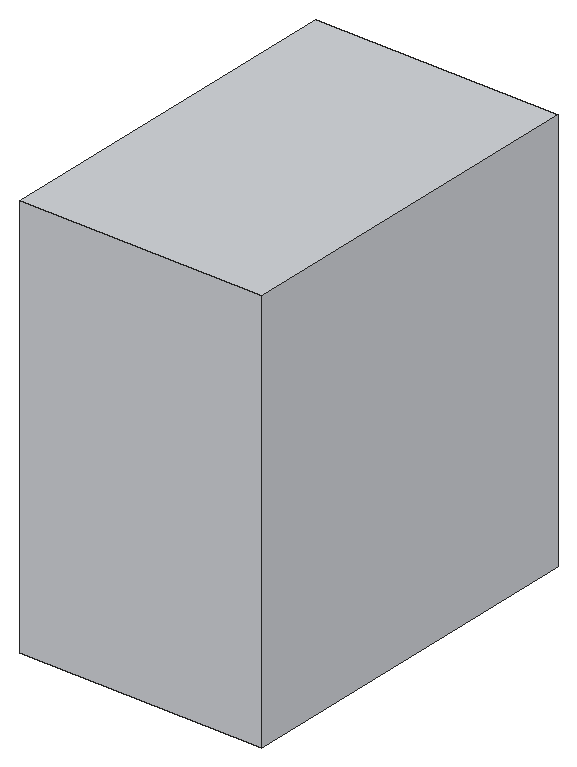
Revit family
Parameters
  Warranty Duration (Years) = 0
  Unit Width [instance] = 1' - 5 1/4"
  Unit Height [instance] = 4' - 8"
  Unit Depth = 0' - 0 1/4"
  URL = "http://www.americanspecialties.com/viewCategories.cfm"
  Trim Material = Metal - Stainless Steel
  Test Data = ""
  Specification = "http://www.arcat.com/sdspecs/htm/10810asi.htm"
  SpecWizard = ""
  Send Message = "http://www.arcat.com/users.pl?action=UserEmail&company=American%20Specialties,%20Inc.&coid=30448&rep=139&fax=914-476-0688&mf="
  Sales Information = "http://www.americanspecialties.com/contact"
  Revision = "R1_10-2010"
  Product Properties = "http://www.americanspecialties.com/datasheets/04692-9.pdf"
  Product Data = "http://www.arcat.com/arcatcos/cos30/arc30448.html"
  Model = "As Specified in 10 28 13"
  Manufacturer Website = "http://www.americanspecialties.com/viewCategories.cfm"
  Manufacturer Phone - Toll Free = ""
  Manufacturer Phone = "914-476-9000 "
  Manufacturer Fax = "914-476-0688"
  Manufacturer Address = "441 Saw Mill River Rd., Yonkers, NY 10701"
  Manufacturer = "American Specialties, Inc."
  Maintenance Schedule (Months) = 0
  Keynote = "10 28 13"
  Installation-Fabrication = "http://www.americanspecialties.com/products.cfm"
  Green Building-LEED = ""
  Expected Lifespan (Years) = 0
  Drawn By = "Robert S. Weygant. CSI, CDT, SCIP"  # constant formula
  Description = "Toilet Accessory as Specified in 10 28 13"
  Default Elevation = 4' - 0"
  Copyright = "©Arcat Inc."
  Construction Details = "http://www.arcat.com/green/clients/leed_data_30448.html"
  Building Codes = "http://www.americanspecialties.com/products.cfm"
  Body Material = Metal - Stainless Steel
  Assembly Code = "C1030210"
Reference planes (in)
  plane 1 "Center (Front/Back)": y = -0.29112
  plane 2 "Floor Line": z = 0
  plane 3 "Center (Left/Right)": x = -0.65843
Forms (in)
  Extrusion 1, solid
    sketch origin (-3, -9, -6) x (0, 0, -1) y (1, 0, 0)
      loop
        line (-82, 26) -> (-82, -19.34712) -> (-6, -19.34712) -> (-6, 26) -> (-82, 26)
    from 28.29112 to -41.06337
  Extrusion 2, solid, material "Metal - Stainless Steel" <- "Body Material"
    sketch origin (0, 0, 10) x (1, 0, 0) y (0, 1, 0)
      loop
        line (-8.28343, 26.70888) -> (-8.28343, -27.29112) -> (6.96657, -27.29112) -> (6.96657, 26.70888) -> (-8.28343, 26.70888)
    from 0 to -10
  Extrusion 3, solid, material "Metal - Stainless Steel" <- "Body Material"
    sketch origin (0, 7, 10) x (1, 0, 0) y (0, 1, 0)
      loop
        line (-5.68968, 6.70888) -> (-5.68968, 4.20888) -> (4.37282, 4.20888) -> (4.37282, 6.70888) -> (4.12282, 6.70888) -> (3.87282, 4.45888) -> (-5.18968, 4.45888) -> (-5.43968, 6.70888) -> (-5.68968, 6.70888)
    from 0 to -10
  Extrusion 4, solid, material "Metal - Stainless Steel" <- "Trim Material"
    sketch origin (0, 6.98719, 9.75134) x (1, 0, 0) y (0, 1, 0)
      loop
        line (2.98508, 14.70888) -> (2.98508, 9.70888) -> (3.98508, 9.70888) -> (3.98508, 14.70888) -> (2.98508, 14.70888)
      loop
        line (3.04758, 9.77138) -> (3.92258, 9.77138) -> (3.92258, 14.64638) -> (3.04758, 14.64638) -> (3.04758, 9.77138)
    from 0.5 to 0.5625
  Extrusion 5, solid, material "Metal - Stainless Steel" <- "Trim Material"
    sketch origin (-0.23664, 6.96892, 9.63158) x (0, 1, 0) y (0, 0, 1)
      loop
        line (14.48996, 0.86976) -> (14.23996, 1.36976) -> (13.98996, 1.36976) -> (13.98996, 0.86976) -> (14.48996, 0.86976)
    from 3.44343 to 4
  Extrusion 6, solid, material "Metal - Stainless Steel" <- "Trim Material"
    sketch origin (-0.65843, 6.88741, 9.63158) x (0, 1, 0) y (0, 0, 1)
      loop
        line (14.49406, 0.86976) -> (14.1489, 0.86976) -> (14.1489, 0.36842) -> (14.49406, 0.36842) -> (14.49406, 0.86976)
    from 3.94825 to 4.33876
  Extrusion 7, solid, material "Metal - Stainless Steel" <- "Trim Material"
    sketch origin (0, 0, 9.3125) x (1, 0, 0) y (0, 1, 0)
      loop
        circle (5.37282, 20.33388) r 0.5
      loop
        line (5.316, 19.91524) -> (5.42963, 19.91524) -> (5.42963, 20.76475) -> (5.316, 20.76475) -> (5.316, 19.91524)
    from 0.9375 to 1
  Extrusion 8, solid, material "Metal - Stainless Steel" <- "Body Material"
    sketch origin (0, 0, 10) x (1, 0, 0) y (0, 1, 0)
      loop
        line (-9.28343, 27.70888) -> (-9.28343, -28.29112) -> (7.96657, -28.29112) -> (7.96657, 27.70888) -> (-9.28343, 27.70888)
      loop
        line (-8.28343, 26.70888) -> (-8.28343, -27.29112) -> (6.96657, -27.29112) -> (6.96657, 26.70888) -> (-8.28343, 26.70888)
    from 0 to 0.25
  Extrusion 9, solid, material "Metal - Stainless Steel" <- "Body Material"
    sketch origin (0, 0, 10) x (1, 0, 0) y (0, 1, 0)
      loop
        line (-8.28343, 26.70888) -> (-8.28343, 13.70888) -> (6.96657, 13.70888) -> (6.96657, 26.70888) -> (-8.28343, 26.70888)
    from 0 to 0.25
  Extrusion 10, void
    sketch origin (-0.65843, 0, 10) x (0, 1, 0) y (0, 0, 1)
      loop
        line (21.38146, 0) -> (21.38146, 0.25) -> (16.91194, 0.25) -> (16.91194, 0) -> (21.38146, 0)
    from 4.33876 to 3.94825
  Extrusion 11, solid, material "Metal - Stainless Steel" <- "Body Material"
    sketch origin (0, 0, 10) x (1, 0, 0) y (0, 1, 0)
      loop
        line (6.96657, -4.29112) -> (-8.28343, -4.29112) -> (-8.28343, -27.29112) -> (6.96657, -27.29112) -> (6.96657, -4.29112)
    from -10 to 1.75
  Extrusion 12, void
    sketch origin (-0.65843, 0, 10) x (0, 1, 0) y (0, 0, 1)
      loop
        line (13.70888, -9.75) -> (13.70888, 1.75) -> (-4.29112, 1.75) -> (-4.29112, -9.75) -> (13.70888, -9.75)
    from -7.61046 to 7.59319
  Extrusion 13, solid, material "Metal - Stainless Steel" <- "Trim Material"
    sketch origin (0, 0.22512, 10) x (1, 0, 0) y (0, 1, 0)
      loop
        circle (-0.65843, -3.79339) r 0.5
      loop
        line (-0.71525, -4.21203) -> (-0.60162, -4.21203) -> (-0.60162, -3.36253) -> (-0.71525, -3.36253) -> (-0.71525, -4.21203)
    from -9.75 to -10
  Extrusion 14, solid, material "Metal - Stainless Steel" <- "Body Material"
    sketch origin (0, 0, 4) x (1, 0, 0) y (0, 1, 0)
      loop
        line (7.96657, -28.29112) -> (7.96657, 27.70888) -> (-9.28343, 27.70888) -> (-9.28343, -28.29112) -> (7.96657, -28.29112)
      loop
        line (-8.28343, 26.70888) -> (-8.28343, -27.29112) -> (6.96657, -27.29112) -> (6.96657, 26.70888) -> (-8.28343, 26.70888)
    from -4 to 6
  Extrusion 15, void
    sketch origin (0, 0, 0) x (1, 0, 0) y (0, 1, 0)
      loop
        line (-8.26889, -4.29112) -> (-8.26889, -27.19575) -> (6.93476, -27.19575) -> (6.93476, -4.29112) -> (-8.26889, -4.29112)
    from 0.03827 to 11.71409
Cuts and joins
  Extrusion 10, Extrusion 12, Extrusion 15 cuts Extrusion 2
  Extrusion 10 cuts Extrusion 4
  Extrusion 10 cuts Extrusion 6
  Extrusion 10 cuts Extrusion 8
  Extrusion 10 cuts Extrusion 9
  Extrusion 10, Extrusion 15 cuts Extrusion 14
  Extrusion 12, Extrusion 15 cuts Extrusion 11
  Extrusion 12 cuts Extrusion 13
Dimensions and locks (in)
  aligned and locked: Extrusion 1 to level
  aligned and locked: Extrusion 8 to Extrusion 9
